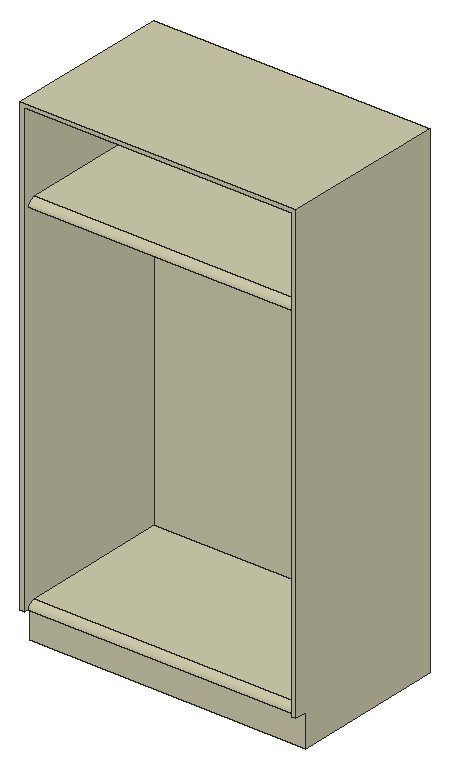
Revit family "Wenger Cabinet 34", category Furniture, Revit 2011
Parameters (values of type "Standard Cabinet #34")
  URL = "http://www.wengercorp.com/Home/Contact.html"
  Toekick Material [instance] = none
  RH End Panel [instance] = no
  Model = "34"
  Manufacturer = "Wenger Corporation"
  LH End Panel [instance] = no
  End Panel Material [instance] = none
  Edge Banding Material [instance] = none
  Door Material [instance] = none
  Description = "Standard Cabinet #34"
  Cabinet Width = 4' - 0 1/2"
  Cabinet Label = Labels : Standard
  Cabinet Height = 7' - 1 5/8"
  Cabinet Depth = 2' - 5 1/4"
  Cabinet Back Thickness = 0' - 0 3/4"
  Assembly Code = ""
Reference planes (in)
  plane 1 "Front": y = 0
  plane 2: z = 0
  plane 3 "Left": x = 0
  plane 4 "Right": x = 48.5
  plane 5 "Back": y = 29.25
  plane 6 "Top": z = 85.625
  plane 7: z = 5.625
  plane 8: z = 21.475
  plane 9: z = 37.325
  plane 10: z = 53.175
  plane 11: z = 69.025
  plane 12: x = 0.75
  plane 13: x = 47.75
  plane 14: z = 84.875
  plane 15: y = 28.5
  plane 16: y = 2
  plane 17: y = 0.75
  plane 18: z = 22.6
  plane 19: z = 38.45
  plane 20: z = 54.3
  plane 21: z = 70.15
  plane 22: z = 6.75
  plane 23: z = 66
  plane 24: y = 14
Forms (in)
  Extrusion 1, solid, material "Wenger - Oyster"
    sketch origin (0, 0, 0) x (0, 1, 0) y (0, 0, 1)
      loop
        line (0, 85.625) -> (0, 5.625) -> (2, 5.625) -> (2, 0) -> (29.25, 0) -> (29.25, 85.625) -> (0, 85.625)
    from 0 to 48.5
  Extrusion 2, void
    sketch origin (0, 0, 0) x (0, 1, 0) y (0, 0, 1)
      loop
        line (-5.5, 84.875) -> (-5.5, 5.625) -> (0.75, 5.625)
        arc (0.75, 5.625) -> (1.18296, 6.40088) -> (2, 6.75) r 1.375
        line (2, 6.75) -> (28.5, 6.75) -> (28.5, 69.025) -> (0.75, 69.025)
        arc (0.75, 69.025) -> (1.18296, 69.80088) -> (2, 70.15) r 1.375
        line (2, 70.15) -> (28.5, 70.15) -> (28.5, 84.875) -> (-5.5, 84.875)
    from 0.75 to 47.75
  Extrusion 3, solid
    sketch origin (0, 0, 0) x (0, 1, 0) y (0, 0, 1)
      loop
        line (14, 66) -> (14, 67.25) -> (13.375, 67.25) -> (13.156, 66.87068) -> (13.22028, 66.83357) -> (13.41785, 67.17578) -> (13.92578, 67.17578) -> (13.92578, 66) -> (14, 66)
    from 0.75 to 47.75
Cuts and joins
  Extrusion 2 cuts Extrusion 1
Lines and regions (in)
  symbolic lines
    curve 1: line (0, 29.25, 0) -> (48.5, 29.25, 0)
    curve 2: line (0, 0, 0) -> (0, 29.25, 0)
    curve 3: line (48.5, 0, 0) -> (0, 0, 0)
    curve 4: line (48.5, 29.25, 0) -> (48.5, 0, 0)
Dimensions and locks (in)
  locked: plane 3 "Left" to plane 12 at 0.75
  locked: plane 13 to plane 4 "Right" at 0.75
  "Cabinet Back Thickness": plane 5 "Back" to plane 15
  locked: plane 1 "Front" to plane 17 at 0.75
  locked: plane 1 "Front" to plane 16 at 2
  locked: plane 18 to plane 8 at 1.125
  locked: plane 19 to plane 9 at 1.125
  locked: plane 20 to plane 10 at 1.125
  locked: plane 21 to plane 11 at 1.125
  locked: plane 6 "Top" to plane 14 at 0.75
  equal spacing: plane 14, plane 11, plane 10, plane 9, plane 8, plane 7
  locked: plane 22 to plane 7 at 1.125
  plane 13 to plane 3 "Left" = 3' - 11 3/4"
  "Cabinet Width": plane 3 "Left" to plane 4 "Right"
  locked: plane 7 to level at 5.625
  "Cabinet Height": plane 6 "Top" to level
  "Cabinet Depth": plane 1 "Front" to plane 5 "Back"
  plane 12 to plane 13 = 3' - 11"
  plane 14 to plane 7 = 6' - 7 1/4"
  locked: plane 5 "Back" to plane 24 at 15.25
  locked: plane 23 to cut or joined group of Extrusion 1, Extrusion 2 at 66
  aligned and locked: Extrusion 1 sketch curve to plane 6 "Top"
  aligned and locked: Extrusion 1 sketch curve to plane 5 "Back"
  aligned and locked: Extrusion 1 sketch curve to plane 1 "Front"
  aligned and locked: Extrusion 1 sketch curve to plane 7
  aligned and locked: Extrusion 1 sketch curve to plane 16
  aligned and locked: Extrusion 1 sketch curve to level
  aligned and locked: Extrusion 1 to plane 4 "Right"
  aligned and locked: Extrusion 1 to plane 3 "Left"
  aligned and locked: Extrusion 2 sketch curve to plane 14
  aligned and locked: Extrusion 2 sketch curve to plane 15
  aligned and locked: Extrusion 2 sketch curve to plane 11
  aligned and locked: Extrusion 2 sketch curve to plane 22
  aligned and locked: Extrusion 2 sketch curve to plane 21
  aligned and locked: Extrusion 2 to plane 12
  aligned and locked: plane 3 "Left" to curve 2
  aligned and locked: curve 1 to plane 5 "Back"
  aligned and locked: plane 4 "Right" to curve 4
  aligned and locked: curve 3 to plane 1 "Front"
  aligned and locked: Extrusion 2 to plane 13
  aligned and locked: Extrusion 3 to plane 23
  aligned and locked: plane 24 to Extrusion 3
  aligned and locked: Extrusion 3 to plane 12
  aligned and locked: Extrusion 3 to plane 13
Automatic sketch dimensions
  Extrusion 2 sketch curve to plane 7 = 0' - 0"
  Extrusion 2 sketch curve to plane 17 = 0' - 0"  (x2)
  Extrusion 2 sketch curve to plane 16 = 0' - 0"  (x2)
  Extrusion 2 sketch curve to plane 15 = 0' - 0"
  plane 1 "Front" to Extrusion 2 sketch curve = 0' - 5 1/2"
  Extrusion 2 sketch curve to plane 16 = 0' - 0.10279"  (x2)
  Extrusion 3 sketch curve to plane 23 = 0' - 0"
  Extrusion 3 sketch curve to plane 24 = 0' - 0"
  Extrusion 3 sketch curve to plane 24 = 0' - 0 19/256"
  Extrusion 3 sketch curve to Extrusion 3 sketch curve = 0' - 0.50793"
  Extrusion 3 sketch curve to Extrusion 3 sketch curve = 0' - 0.04285"
  Extrusion 3 sketch curve to Extrusion 3 sketch curve = 0' - 0.19757"
  Extrusion 3 sketch curve to Extrusion 3 sketch curve = 0' - 0.06428"
  plane 23 to Extrusion 3 sketch curve = 0' - 0.83357"
  Extrusion 3 sketch curve to Extrusion 3 sketch curve = 0' - 0.03711"
Nested families (in)
  nested 1: "LH End Panel" at (0, 14.25, 0) x (0, -1, 0) z (0, 0, 1), End Panel Material <- "End Panel Material", visible <- "LH End Panel", Edge Banding Material <- "Edge Banding Material", type "20x84 LH"
    with End Panel Material none, Edge Banding Material none, End Panel Depth 2' - 5 1/4"
  nested 2: "RH End Panel" at (49.25, 14.25, 0) x (0, -1, 0) z (0, 0, 1), End Panel Material <- "End Panel Material", visible <- "RH End Panel", Edge Banding Material <- "Edge Banding Material", type "20x84 RH"
    with End Panel Material none, Edge Banding Material none, End Panel Depth 2' - 5 1/4"
  nested 3: "Labels" at (24.25, 14, 0), type <- "Cabinet Label", type "Standard"
  nested 4: "Front Note" at (24.25, 0.75, 0), type "Front Note", detail levels medium+fine
Definition of nested family "LH End Panel"
  Parameters (values of type "20x84 LH")
    End Panel Material [instance] = none
    End Panel Height = 7' - 1 5/8"
    End Panel Depth = 1' - 7 1/4"
    Edge Banding Material [instance] = none
    Default Elevation = 4' - 0"
    Assembly Code = ""
  Reference planes (in)
    plane 1 "Center (Front/Back)": y = 0
    plane 2: z = 0
    plane 3 "Center (Left/Right)": x = 0
    plane 4: x = -15
    plane 5: x = 4.25
    plane 6: z = 5.625
    plane 7: x = 2.25
    plane 8: z = 85.625
    plane 9: y = -0.75
  Forms (in)
    Extrusion 1, solid, material <- "End Panel Material"
      sketch origin (0, 0, 0) x (1, 0, 0) y (0, 0, 1)
        loop
          line (-15, 85.625) -> (-15, 0) -> (2.25, 0) -> (2.25, 5.625) -> (4.25, 5.625) -> (4.25, 85.625) -> (-15, 85.625)
      from 0 to 0.75
  Dimensions and locks (in)
    locked: plane 7 to plane 5 at 2
    locked: plane 6 to level at 5.625
    "End Panel Height": plane 8 to level
    "End Panel Depth": plane 5 to plane 4
    locked: plane 9 to plane 1 "Center (Front/Back)" at 0.75
    aligned and locked: plane 4 to Extrusion 1 sketch curve
    aligned and locked: level to Extrusion 1 sketch curve
    aligned and locked: plane 7 to Extrusion 1 sketch curve
    aligned and locked: plane 6 to Extrusion 1 sketch curve
    aligned and locked: Extrusion 1 sketch curve to plane 5
    aligned and locked: Extrusion 1 sketch curve to plane 8
    aligned and locked: Extrusion 1 to plane 9
    aligned and locked: Extrusion 1 to plane 1 "Center (Front/Back)"
Definition of nested family "RH End Panel"
  Parameters (values of type "20x84 RH")
    End Panel Material [instance] = none
    End Panel Height = 7' - 1 5/8"
    End Panel Depth = 1' - 7 1/4"
    Edge Banding Material [instance] = none
    Default Elevation = 4' - 0"
    Assembly Code = ""
  Reference planes (in)
    plane 1 "Center (Front/Back)": y = 0
    plane 2: z = 0
    plane 3 "Center (Left/Right)": x = 0
    plane 4: x = -15
    plane 5: x = 4.25
    plane 6: z = 5.625
    plane 7: x = 2.25
    plane 8: z = 85.625
    plane 9: y = -0.75
  Forms (in)
    Extrusion 1, solid, material <- "End Panel Material"
      sketch origin (0, 0, 0) x (1, 0, 0) y (0, 0, 1)
        loop
          line (-15, 85.625) -> (-15, 0) -> (2.25, 0) -> (2.25, 5.625) -> (4.25, 5.625) -> (4.25, 85.625) -> (-15, 85.625)
      from 0 to 0.75
  Dimensions and locks (in)
    locked: plane 7 to plane 5 at 2
    locked: plane 6 to level at 5.625
    "End Panel Height": plane 8 to level
    "End Panel Depth": plane 5 to plane 4
    locked: plane 9 to plane 1 "Center (Front/Back)" at 0.75
    aligned and locked: plane 4 to Extrusion 1 sketch curve
    aligned and locked: level to Extrusion 1 sketch curve
    aligned and locked: plane 7 to Extrusion 1 sketch curve
    aligned and locked: plane 6 to Extrusion 1 sketch curve
    aligned and locked: Extrusion 1 sketch curve to plane 5
    aligned and locked: Extrusion 1 sketch curve to plane 8
    aligned and locked: Extrusion 1 to plane 9
    aligned and locked: Extrusion 1 to plane 1 "Center (Front/Back)"
Definition of nested family "Labels"
  Parameters (values of type "Standard")
    Cabinet Label = "01"
  Types (4): name | Cabinet Label
    Standard | "01"
    Narrow | "01N"
    Narrow Acoustic | "01NA"
    Acoustic | "01A"
  Reference planes (in)
    plane 1: y = 0
    plane 2: x = 0
  Text (in)
    label "xxxx" at (-0.00018, 0.00754, 0), shows "Cabinet Label"
Definition of nested family "Front Note"
  Parameters (values of type "Front Note")
    Cabinet Label = "Front"
  Reference planes (in)
    plane 1: y = 0
    plane 2: x = 0
  Text (in)
    label "Front" at (-0.00018, 0.00754, 0), shows "Cabinet Label"
